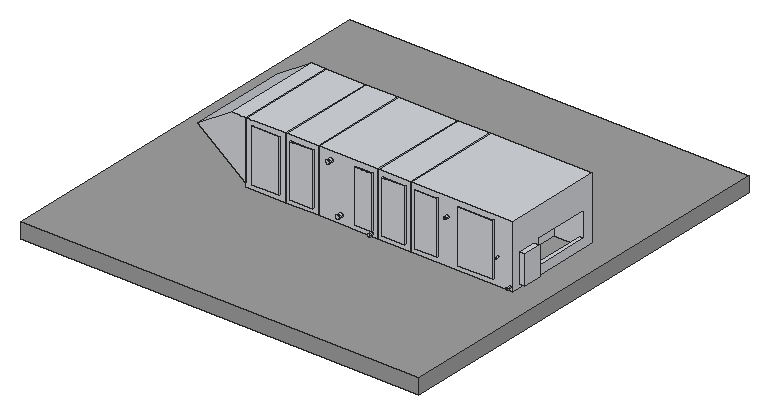
Revit family
Parameters (values of type "8 Row CW")
  Wheel Size [instance] = ""
  Voltage = 480 V
  Unit Weight (lbs) = 4667  # constant formula
  URL = "http://www.appliedair.com"
  Total Static Pressure [instance] = 0.00 in-wg
  Total Heating Capacity [instance] = 0.0 Btu/h
  Total Cooling Capacity [instance] = 0.0 Btu/h
  Temperature Rise [instance] = 0 °F
  Supply Air Pressure Drop [instance] = 0.00 in-wg
  Supply Air Outlet Flow [instance] = 0 CFM
  Supply Air Inlet Flow [instance] = 0 CFM
  Series = "IFL"
  Return Coil Horizontal Offset = 0' - 10"
  Return Air Inlet Flow [instance] = 0 CFM
  Return Air Flow Height = 1' - 8"
  Product URL = "http://www.appliedair.com/ifl.asp"
  Power Vertical Offset = 1' - 2 1/4"
  Power Horizontal Offset = 2' - 6"
  Power Connection Radius = 0' - 0 3/4"
  Phase = 3
  Output Heat [instance] = 0.0 Btu/h
  OmniClass = "23-75 10 24 21 27 17"
  Number of Rows = 8
  Number of Poles = 3
  Nominal Width = 6' - 8"  # constant formula
  Nominal Length = 21' - 0 5/8"  # constant formula
  Nominal Height = 4' - 2"  # constant formula
  Motor Horsepower (HP) [instance] = 0
  Motor Brake Horsepower (BHP) [instance] = 0
  Motor Amps [instance] = 0 A
  Model = "40"
  Minimum Input [instance] = 0.0 Btu/h
  Minimum Air Flow = 3000 CFM
  Maximum Input [instance] = 0.0 Btu/h
  Maximum Air Flow = 9500 CFM
  Manufacturer = "Applied Air"
  M = 3' - 10"  # constant formula
  L = 1' - 8 3/4"  # constant formula
  K = 2' - 1 11/16"  # constant formula
  J = 0' - 6 3/4"  # constant formula
  Heating Leaving Water Temperature [instance] = 0 °F
  Heating Leaving Air Temperature Wet Bulb [instance] = 0 °F
  Heating Leaving Air Temperature Dry Bulb [instance] = 0 °F
  Heating Entering Water Temperature [instance] = 0 °F
  Heating Entering Air Temperature Wet Bulb [instance] = 0 °F
  Heating Entering Air Temperature Dry Bulb [instance] = 0 °F
  Gas Vertical Offset = 1' - 9"  # constant formula
  Gas Horizontal Offset = 0' - 11 1/2"
  Gas Connection Radius = 0' - 0 3/8"  # constant formula
  Condensate Drain Vertical Offset = 0' - 2 3/4"
  Condensate Drain Radius = 0' - 0 3/4"  # constant formula
  Gas Pressure Drop [instance] = 0.00 psi
  Gas Input [instance] = 0.0 Btu/h
  Condensate Drain Horizontal Offset = 0' - 1 27/32"
  Gas Flow [instance] = 0 GPM
  Condensate Drain Connection Radius = Condensate Drain Radius  # 0' - 0 3/4"
  Furnace Size [instance] = ""
  Frequency = 60 Hz
  Fan Speed (RPM) [instance] = 0
  Face Velocity (FPM) [instance] = 0
  Face Pressure Drop [instance] = 0' - 0"
  Drain Pressure Drop [instance] = 0.00 psi
  Drain Flow [instance] = 0 GPM
  Description = "Dedicated Outside Air Split System"
  Cooling Sensible Capacity [instance] = 0 Btu/h
  Cooling Leaving Air Temperature Wet Bulb [instance] = 0 °F
  Cooling Leaving Air Temperature Dry Bulb [instance] = 0 °F
  Cooling Entering Air Temperature Wet Bulb [instance] = 0 °F
  Cooling Entering Air Temperature Dry Bulb [instance] = 0 °F
  Cooling Coil Radius = 0' 3" / 2  # 0' - 1 1/2"
  H = 0' - 3 1/16"  # constant formula
  G = 3' - 2 5/8"  # constant formula
  Drain Vertical Offset = 0' - 2"
  Drain Radius = 0' - 1"
  Drain Horizontal Offset = 0' - 5"
  Default Elevation = 0' - 0"
  F = 2' - 2"  # constant formula
  E = 4' - 0"  # constant formula
  D = 5' - 8"  # constant formula
  Combustion Air Flow [instance] = 0 CFM
  Coils Depth = 0' - 3"
  Coil Face Area = if(Choose Coil Option = 1, 9.17 SF, if(Choose Coil Option = 2, 14.00 SF, if(Choose Coil Option = 3, 17.72 SF, 0.00 SF)))  # 14.00 SF
  Choose Coil Option = 2
  Chilled Water Pressure [instance] = 0.00 in-wg
  Chilled Water Flow [instance] = 0 GPM
  Coils Vertical Offsets = 0' - 6 143/256"
  Supply Coil Horizontal Offset = 1' - 6"
  Burner Amps [instance] = 0 A
  B = 6' - 10"  # constant formula
  Assembly Code = "D3030200"
  Apparent Power [instance] = (Motor Amps + Burner Amps) * Voltage * sqrt(3)  # 0 VA
  AHU Material = Galvanized Steel
  30x44 CW Coils = Choose Coil Option = 1  # no
  36x56 CW Coils = Choose Coil Option = 2  # yes
  40.5x63 CW Coils = Choose Coil Option = 3  # no
Reference planes (in)
  plane 1 "Center (Front/Back)": y = 0
  plane 2: z = -0.00391
  plane 3 "Center (Left/Right)": x = 0
  plane 4: y = 38
  plane 5: y = -42
  plane 6: x = -24
  plane 7: x = 24
  plane 8: x = 50
  plane 9: z = 49.99609
  plane 10: x = 132
  plane 11: x = -50
  plane 12: x = -82
  plane 13: x = -120.625
  plane 14: x = -14
  plane 15: x = -6
  plane 16: z = 6.55469
  plane 17: z = 43.4375
  plane 18: y = -45
  plane 19: x = 19
  plane 20: z = 1.99609
  plane 21: x = 80
  plane 22: z = 35.74609
  plane 23: z = 2.74609
  plane 24: x = 130.15625
  plane 25: x = 120.5
  plane 26: z = 20.99609
Forms (in)
  Extrusion 1, solid, material "Default"
    sketch origin (0, 0, 0) x (1, 0, 0) y (0, 1, 0)
      loop
        line (-164.84185, 166) -> (-164.84185, -165.6411) -> (155.35983, -165.6411) -> (155.35983, 166) -> (-164.84185, 166)
    from -0.00391 to -12
  Extrusion 2, solid
    sketch origin (0.62705, 0, 0) x (1, 0, 0) y (0, 0, 1)
      loop
        line (-24.62705, 0) -> (23.37295, 0) -> (23.37295, 49.99609) -> (-24.62705, 49.99609) -> (-24.62705, 0)
    from -38 to 42
  Extrusion 3, solid
    sketch origin (66.62705, 0, 0) x (1, 0, 0) y (0, 0, 1)
      loop
        line (-42.62705, 0) -> (-16.62705, 0) -> (-16.62705, 49.99609) -> (-42.62705, 49.99609) -> (-42.62705, 0)
    from -38 to 42
  Extrusion 4, solid
    sketch origin (120.62705, 0, 0) x (1, 0, 0) y (0, 0, 1)
      loop
        line (-70.62705, 0) -> (11.37295, 0) -> (11.37295, 49.99609) -> (-70.62705, 49.99609) -> (-70.62705, 0)
    from -38 to 42
  Extrusion 5, solid
    sketch origin (-17.37295, 0, 0) x (1, 0, 0) y (0, 0, 1)
      loop
        line (-32.62705, -0.00391) -> (-6.62705, -0.00391) -> (-6.62705, 49.99609) -> (-32.62705, 49.99609) -> (-32.62705, -0.00391)
    from -38 to 42
  Extrusion 6, solid
    sketch origin (-41.37295, 0, 0) x (1, 0, 0) y (0, 0, 1)
      loop
        line (-40.62705, -0.00391) -> (-8.62705, -0.00391) -> (-8.62705, 49.99609) -> (-40.62705, 49.99609) -> (-40.62705, -0.00391)
    from -38 to 42
  Extrusion 7, solid
    sketch origin (-15.3125, 0, 0) x (1, 0, 0) y (0, 0, 1)
      loop
        line (-105.3125, 32.99609) -> (-66.6875, 2.74609) -> (-66.6875, 49.99609) -> (-78.33244, 49.99609) -> (-105.3125, 32.99609)
    from -38 to 42
  Extrusion 8, void
    sketch origin (0, 0, 0) x (1, 0, 0) y (0, 1, 0)
      loop
        line (-75, 32) -> (-75, -36) -> (-55, -36) -> (-55, 32) -> (-75, 32)
    from 0 to 31.59567
  Extrusion 9, void
    sketch origin (0, 0, 0) x (0, 1, 0) y (0, 0, 1)
      loop
        line (-36, 9) -> (32, 9) -> (32, 29) -> (-36, 29) -> (-36, 9)
    from -55 to -86
  Extrusion 10, void
    sketch origin (0, 0, 0) x (1, 0, 0) y (0, 0, 1)
      loop
        line (-109.05333, 23.93349) -> (-93.44248, 11.70751) -> (-86, 11.70751) -> (-86, 30.21142) -> (-102.77539, 30.21142) -> (-109.05333, 23.93349)
    from -32 to 36
  Extrusion 11, void
    sketch origin (0, 0, 0) x (1, 0, 0) y (0, 1, 0)
      loop
        line (128.9375, -16.3125) -> (128.9375, 29.6875) -> (108.1875, 29.6875) -> (108.1875, -16.3125) -> (128.9375, -16.3125)
    from 0 to 21.23232
  Extrusion 12, void
    sketch origin (0, 0, 0) x (1, 0, 0) y (0, 0, 1)
      loop
        line (132, 6.74609) -> (132, 27.49609) -> (108.1875, 27.49609) -> (108.1875, 6.74609) -> (132, 6.74609)
    from -29.6875 to 16.3125
  Extrusion 13, solid
    sketch origin (0, 0, 0) x (1, 0, 0) y (0, 1, 0)
      loop
        line (132, -21) -> (132, -36) -> (137, -36) -> (137, -21) -> (132, -21)
    from 3.06225 to 25.87762
  Extrusion 14, solid
    sketch origin (0, 0, 0) x (1, 0, 0) y (0, 0, 1)
      loop
        circle (-6, 6.55469) r 1.5
      loop
        circle (-14, 43.4375) r 1.5
      loop
        circle (19, 1.99609) r 1
      loop
        circle (80, 35.74609) r 0.75
      loop
        circle (130.15625, 2.74609) r 0.75
      loop
        circle (120.5, 20.99609) r 0.375
    from 42 to 45
  Extrusion 15, solid
    sketch origin (0, -38, 0) x (1, 0, 0) y (0, 0, 1)
      loop
        line (-55, 45.99609) -> (-77, 45.99609) -> (-77, 3.99609) -> (-55, 3.99609) -> (-55, 45.99609)
      loop
        line (-28, 45.99609) -> (-46, 45.99609) -> (-46, 3.99609) -> (-28, 3.99609) -> (-28, 45.99609)
      loop
        line (20, 45.99609) -> (6, 45.99609) -> (6, 3.99609) -> (20, 3.99609) -> (20, 45.99609)
      loop
        line (46, 45.99609) -> (28, 45.99609) -> (28, 3.99609) -> (46, 3.99609) -> (46, 45.99609)
      loop
        line (72, 45.99609) -> (54, 45.99609) -> (54, 3.99609) -> (72, 3.99609) -> (72, 45.99609)
      loop
        line (117, 45.99609) -> (89, 45.99609) -> (89, 3.99609) -> (117, 3.99609) -> (117, 45.99609)
    from 4 to 5
  Extrusion 16, void
    sketch origin (0, 0, 0) x (1, 0, 0) y (0, 0, 1)
      loop
        line (124.55215, 46.70523) -> (124.55215, 46.20523) -> (126.80215, 46.20523) -> (126.80215, 46.70523) -> (124.55215, 46.70523)
      loop
        line (127.55215, 46.70523) -> (127.55215, 46.20523) -> (129.80215, 46.20523) -> (129.80215, 46.70523) -> (127.55215, 46.70523)
      loop
        line (124.55215, 47.45523) -> (124.55215, 46.95523) -> (126.80215, 46.95523) -> (126.80215, 47.45523) -> (124.55215, 47.45523)
      loop
        line (127.55215, 47.45523) -> (127.55215, 46.95523) -> (129.80215, 46.95523) -> (129.80215, 47.45523) -> (127.55215, 47.45523)
      loop
        line (124.55215, 45.95523) -> (124.55215, 45.45523) -> (126.80215, 45.45523) -> (126.80215, 45.95523) -> (124.55215, 45.95523)
      loop
        line (127.55215, 45.95523) -> (127.55215, 45.45523) -> (129.80215, 45.45523) -> (129.80215, 45.95523) -> (127.55215, 45.95523)
      loop
        line (124.55215, 45.20523) -> (124.55215, 44.70523) -> (126.80215, 44.70523) -> (126.80215, 45.20523) -> (124.55215, 45.20523)
      loop
        line (127.55215, 45.20523) -> (127.55215, 44.70523) -> (129.80215, 44.70523) -> (129.80215, 45.20523) -> (127.55215, 45.20523)
      loop
        line (124.55215, 44.45523) -> (124.55215, 43.95523) -> (126.80215, 43.95523) -> (126.80215, 44.45523) -> (124.55215, 44.45523)
      loop
        line (127.55215, 44.45523) -> (127.55215, 43.95523) -> (129.80215, 43.95523) -> (129.80215, 44.45523) -> (127.55215, 44.45523)
      loop
        line (124.55215, 43.70523) -> (124.55215, 43.20523) -> (126.80215, 43.20523) -> (126.80215, 43.70523) -> (124.55215, 43.70523)
      loop
        line (127.55215, 43.70523) -> (127.55215, 43.20523) -> (129.80215, 43.20523) -> (129.80215, 43.70523) -> (127.55215, 43.70523)
      loop
        line (124.55215, 21.78696) -> (126.80215, 21.78696) -> (126.80215, 22.28696) -> (124.55215, 22.28696) -> (124.55215, 21.78696)
      loop
        line (127.55215, 21.78696) -> (129.80215, 21.78696) -> (129.80215, 22.28696) -> (127.55215, 22.28696) -> (127.55215, 21.78696)
      loop
        line (124.55215, 21.03696) -> (126.80215, 21.03696) -> (126.80215, 21.53696) -> (124.55215, 21.53696) -> (124.55215, 21.03696)
      loop
        line (127.55215, 21.03696) -> (129.80215, 21.03696) -> (129.80215, 21.53696) -> (127.55215, 21.53696) -> (127.55215, 21.03696)
      loop
        line (124.55215, 22.53696) -> (126.80215, 22.53696) -> (126.80215, 23.03696) -> (124.55215, 23.03696) -> (124.55215, 22.53696)
      loop
        line (127.55215, 22.53696) -> (129.80215, 22.53696) -> (129.80215, 23.03696) -> (127.55215, 23.03696) -> (127.55215, 22.53696)
      loop
        line (124.55215, 23.28696) -> (126.80215, 23.28696) -> (126.80215, 23.78696) -> (124.55215, 23.78696) -> (124.55215, 23.28696)
      loop
        line (127.55215, 23.28696) -> (129.80215, 23.28696) -> (129.80215, 23.78696) -> (127.55215, 23.78696) -> (127.55215, 23.28696)
      loop
        line (124.55215, 24.03696) -> (126.80215, 24.03696) -> (126.80215, 24.53696) -> (124.55215, 24.53696) -> (124.55215, 24.03696)
      loop
        line (127.55215, 24.03696) -> (129.80215, 24.03696) -> (129.80215, 24.53696) -> (127.55215, 24.53696) -> (127.55215, 24.03696)
      loop
        line (124.55215, 24.78696) -> (126.80215, 24.78696) -> (126.80215, 25.28696) -> (124.55215, 25.28696) -> (124.55215, 24.78696)
      loop
        line (127.55215, 24.78696) -> (129.80215, 24.78696) -> (129.80215, 25.28696) -> (127.55215, 25.28696) -> (127.55215, 24.78696)
    from 32 to 38
Cuts and joins
  Extrusion 8, Extrusion 9 cuts Extrusion 6
  Extrusion 9 cuts Extrusion 2
  Extrusion 9 cuts Extrusion 3
  Extrusion 9, Extrusion 10 cuts Extrusion 7
  Extrusion 11, Extrusion 12, Extrusion 16 cuts Extrusion 4
Dimensions and locks (in)
  "Nominal Width": plane 5 to plane 4
  "E": plane 6 to plane 7
  equal spacing: plane 6, plane 3 "Center (Left/Right)", plane 7
  "Nominal Height": plane 9 to plane 2
  "F": plane 7 to plane 8
  "F": plane 11 to plane 6
  locked: plane 12 to plane 11 at 32
  "B": plane 8 to plane 10
  "G": plane 13 to plane 12
  "D": Extrusion 8 sketch curve to Extrusion 8 sketch curve
  locked: Extrusion 8 sketch curve to Extrusion 8 sketch curve at 20
  locked: Extrusion 9 sketch curve to Extrusion 9 sketch curve at 20
  "D": Extrusion 9 sketch curve to Extrusion 9 sketch curve
  locked: level to Extrusion 9 sketch curve at 9
  "K": plane 5 to Extrusion 11 sketch curve
  "M": Extrusion 11 sketch curve to Extrusion 11 sketch curve
  "H": Extrusion 11 sketch curve to plane 10
  "L": Extrusion 11 sketch curve to Extrusion 11 sketch curve
  "J": Extrusion 12 sketch curve to plane 2
  "L": Extrusion 12 sketch curve to Extrusion 12 sketch curve
  "K": cut or joined group of Extrusion 4, Extrusion 11, Extrusion 12, Extrusion 16 to plane 5
  "M": cut or joined group of Extrusion 4, Extrusion 11, Extrusion 12, Extrusion 16 to cut or joined group of Extrusion 4, Extrusion 11, Extrusion 12, Extrusion 16
  plane 9 to Extrusion 13 = 2' - 0.11847"
  locked: Extrusion 13 to Extrusion 13 at 22.81538
  locked: Extrusion 13 to plane 2 at 3.06615
  locked: Extrusion 13 to Extrusion 13 at 5
  "Coils Depth": plane 18 to plane 5
  "Coils Vertical Offsets": plane 16 to plane 2
  "Coils Vertical Offsets": plane 9 to plane 17
  "Return Coil Horizontal Offset": plane 6 to plane 14
  "Supply Coil Horizontal Offset": plane 6 to plane 15
  "Drain Vertical Offset": plane 20 to plane 2
  "Drain Horizontal Offset": plane 19 to plane 7
  locked: plane 12 to Extrusion 15 sketch curve at 5
  locked: Extrusion 15 sketch curve to plane 11 at 5
  locked: plane 9 to Extrusion 15 sketch curve at 4  (x6)
  locked: Extrusion 15 sketch curve to plane 2 at 4  (x6)
  locked: plane 11 to Extrusion 15 sketch curve at 4
  locked: Extrusion 15 sketch curve to plane 6 at 4
  locked: plane 6 to Extrusion 15 sketch curve at 30
  locked: Extrusion 15 sketch curve to plane 7 at 4
  locked: plane 7 to Extrusion 15 sketch curve at 4
  locked: Extrusion 15 sketch curve to plane 8 at 4
  locked: plane 8 to Extrusion 15 sketch curve at 4
  locked: Extrusion 15 sketch curve to Extrusion 15 sketch curve at 17
  locked: Extrusion 15 sketch curve to plane 10 at 15
  "Power Vertical Offset": plane 9 to plane 22
  "Power Horizontal Offset": plane 8 to plane 21
  locked: Extrusion 15 to plane 5 at 1
  "Condensate Drain Vertical Offset": plane 23 to plane 2
  plane 13 to plane 10 = 21' - 0 5/8"
  "Condensate Drain Horizontal Offset": plane 24 to plane 10
  locked: Extrusion 7 sketch curve to plane 13 at 0
  locked: Extrusion 7 sketch curve to plane 12 at 0
  locked: Extrusion 7 sketch curve to plane 23 at 0
  locked: plane 17 to Extrusion 7 sketch curve at 10.44141
  "Gas Vertical Offset": plane 26 to plane 2
  "Gas Horizontal Offset": plane 25 to plane 10
  locked: Extrusion 14 sketch curve to plane 14 at 0
  locked: Extrusion 14 sketch curve to plane 15 at 0
  locked: Extrusion 14 sketch curve to plane 19 at 0
  locked: Extrusion 14 sketch curve to plane 21 at 0
  locked: Extrusion 14 sketch curve to plane 25 at 0
  locked: Extrusion 14 sketch curve to plane 23 at 0
  locked: Extrusion 14 sketch curve to plane 24 at 0
  locked: Extrusion 14 sketch curve to plane 20 at 0
  locked: Extrusion 14 sketch curve to plane 16 at 0
  locked: Extrusion 14 sketch curve to plane 26 at 0
  locked: Extrusion 14 sketch curve to plane 22 at 0
  locked: Extrusion 14 sketch curve to plane 17 at 0
  "Cooling Coil Radius": radius of Extrusion 14 sketch curve  (x2)
  "Drain Radius": radius of Extrusion 14 sketch curve
  "Power Connection Radius": radius of Extrusion 14 sketch curve
  "Condensate Drain Connection Radius": radius of Extrusion 14 sketch curve
  "Gas Connection Radius": radius of Extrusion 14 sketch curve
  aligned and locked: plane 2 to Extrusion 1
  aligned and locked: Extrusion 2 to plane 4
  aligned and locked: plane 5 to Extrusion 2
  aligned and locked: plane 6 to Extrusion 2
  aligned and locked: plane 7 to Extrusion 2
  aligned and locked: plane 7 to Extrusion 3
  aligned and locked: Extrusion 3 to plane 8
  aligned and locked: plane 9 to Extrusion 2
  aligned and locked: Extrusion 3 to Extrusion 2
  aligned and locked: plane 5 to Extrusion 3
  aligned and locked: Extrusion 3 to plane 4
  aligned and locked: Extrusion 4 to plane 9
  aligned and locked: plane 8 to Extrusion 4
  aligned and locked: Extrusion 4 to plane 10
  aligned and locked: plane 5 to Extrusion 4
  aligned and locked: Extrusion 4 to plane 4
  aligned and locked: Extrusion 5 to plane 6
  aligned and locked: plane 11 to Extrusion 5
  aligned and locked: Extrusion 5 to plane 9
  aligned and locked: Extrusion 5 to plane 2
  aligned and locked: Extrusion 5 to plane 4
  aligned and locked: plane 5 to Extrusion 5
  aligned and locked: plane 5 to Extrusion 6
  aligned and locked: Extrusion 6 to plane 4
  aligned and locked: plane 12 to Extrusion 6
  aligned and locked: Extrusion 6 to plane 11
  aligned and locked: Extrusion 6 to plane 9
  aligned and locked: Extrusion 6 to plane 2
  aligned and locked: Extrusion 7 to plane 9
  aligned and locked: plane 13 to Extrusion 7
  aligned and locked: Extrusion 7 to plane 12
  aligned and locked: Extrusion 7 to plane 4
  aligned and locked: plane 5 to Extrusion 7
  aligned and locked: cut or joined group of Extrusion 6, Extrusion 8, Extrusion 9 to Extrusion 9 sketch curve
  aligned and locked: cut or joined group of Extrusion 6, Extrusion 8, Extrusion 9 to Extrusion 9
  aligned and locked: cut or joined group of Extrusion 6, Extrusion 8, Extrusion 9 to Extrusion 10  (x2)
  aligned and locked: Extrusion 11 to level
  aligned and locked: cut or joined group of Extrusion 4, Extrusion 11, Extrusion 12, Extrusion 16 to Extrusion 12 sketch curve
  aligned and locked: plane 10 to Extrusion 12 sketch curve
  aligned and locked: plane 10 to Extrusion 13
  aligned and locked: plane 5 to Extrusion 14
  aligned and locked: plane 18 to Extrusion 14
  aligned and locked: Extrusion 15 to plane 5
  aligned and locked: cut or joined group of Extrusion 4, Extrusion 11, Extrusion 12, Extrusion 16 to plane 5
Automatic sketch dimensions
  Extrusion 1 sketch curve to Extrusion 1 sketch curve = 26' - 8.20168"
  Extrusion 1 sketch curve to Extrusion 1 sketch curve = 27' - 7.6411"
  Extrusion 2 sketch curve to level = 0' - 0"
  Extrusion 2 sketch curve to plane 6 = 0' - 0"
  Extrusion 2 sketch curve to plane 7 = 0' - 0"
  Extrusion 2 sketch curve to plane 9 = 0' - 0"
  Extrusion 3 sketch curve to level = 0' - 0"
  Extrusion 3 sketch curve to plane 7 = 0' - 0"
  Extrusion 3 sketch curve to plane 8 = 0' - 0"
  Extrusion 3 sketch curve to plane 9 = 0' - 0"
  Extrusion 4 sketch curve to level = 0' - 0"
  Extrusion 4 sketch curve to plane 8 = 0' - 0"
  Extrusion 4 sketch curve to plane 9 = 0' - 0"
  Extrusion 4 sketch curve to plane 10 = 0' - 0"
  Extrusion 5 sketch curve to plane 2 = 0' - 0"
  Extrusion 5 sketch curve to plane 11 = 0' - 0"
  Extrusion 5 sketch curve to plane 6 = 0' - 0"
  Extrusion 5 sketch curve to plane 9 = 0' - 0"
  Extrusion 6 sketch curve to plane 2 = 0' - 0"
  Extrusion 6 sketch curve to plane 12 = 0' - 0"
  Extrusion 6 sketch curve to plane 9 = 0' - 0"
  Extrusion 6 sketch curve to plane 11 = 0' - 0"
  Extrusion 8 sketch curve to plane 12 = 0' - 7"
  Extrusion 8 sketch curve to plane 5 = 0' - 6"
  Extrusion 13 sketch curve to plane 10 = 0' - 0"
  Extrusion 13 sketch curve to plane 10 = 0' - 5"
  Extrusion 13 sketch curve to plane 5 = 0' - 6"
  Extrusion 13 sketch curve to Extrusion 13 sketch curve = 1' - 3"
  Extrusion 15 sketch curve to Extrusion 15 sketch curve = 1' - 6"
  Extrusion 16 sketch curve to plane 17 = 0' - 3.26773"
  plane 10 to Extrusion 16 sketch curve = 0' - 7.44785"  (x2)
  Extrusion 16 sketch curve to Extrusion 16 sketch curve = 0' - 0"  (x37)
  plane 17 to Extrusion 16 sketch curve = 0' - 0.23227"  (x2)
  Extrusion 16 sketch curve to Extrusion 16 sketch curve = 0' - 2 1/4"  (x3)
  Extrusion 16 sketch curve to Extrusion 16 sketch curve = 0' - 0 3/4"  (x4)
  plane 10 to Extrusion 16 sketch curve = 0' - 2.19785"  (x3)
  plane 22 to Extrusion 16 sketch curve = 0' - 10.45913"
  Extrusion 16 sketch curve to Extrusion 16 sketch curve = 0' - 0 1/2"  (x21)
  Extrusion 16 sketch curve to Extrusion 16 sketch curve = 0' - 0 1/4"  (x20)
  Extrusion 16 sketch curve to plane 17 = 0' - 0.26773"  (x2)
  Extrusion 7 sketch curve to plane 9 = 0' - 0"
  plane 12 to Extrusion 7 sketch curve = 0' - 11.64494"
  Extrusion 10 sketch curve to plane 13 = 0' - 11.57167"
  Extrusion 10 sketch curve to Extrusion 10 sketch curve = 0' - 6.27793"
  Extrusion 10 sketch curve to plane 16 = 0' - 5.15283"
  plane 12 to Extrusion 10 sketch curve = 0' - 4"
  Extrusion 10 sketch curve to Extrusion 10 sketch curve = 0' - 7.44248"
  plane 22 to Extrusion 10 sketch curve = 0' - 11.81261"
  plane 22 to Extrusion 10 sketch curve = 0' - 5.53467"
Connectors (in)
  hvac at (-101.3125, -2, 17.87109), driven by "D", driven by "Return Air Flow Height", driven by "Supply Air Inlet Flow"
    settings: on cut or joined group of Extrusion 7, Extrusion 9, Extrusion 10, index 1
  hvac at (-65, -2, -0.00391), driven by "D", driven by "Return Air Flow Height", driven by "Return Air Inlet Flow"
    settings: on cut or joined group of Extrusion 6, Extrusion 8, Extrusion 9, index 2
  hvac at (118.5625, 6.6875, 0), driven by "M", driven by "L", driven by "Supply Air Outlet Flow"
    settings: on cut or joined group of Extrusion 4, Extrusion 11, Extrusion 12, Extrusion 16, index 3
  hvac at (132, 6.6875, 17.12109), driven by "M", driven by "L", driven by "Supply Air Outlet Flow"
    settings: on cut or joined group of Extrusion 4, Extrusion 11, Extrusion 12, Extrusion 16, index 4
  piping at (-14, -45, 43.4375), driven by "Cooling Coil Radius", driven by "Chilled Water Pressure", driven by "Chilled Water Flow"
    settings: on Extrusion 14, index 5
  piping at (-6, -45, 6.55469), driven by "Cooling Coil Radius", driven by "Chilled Water Flow", driven by "Chilled Water Pressure"
    settings: on Extrusion 14, index 6
  piping at (19, -45, 1.99609), driven by "Drain Radius", driven by "Drain Flow"
    settings: on Extrusion 14, index 7
  electrical at (80, -45, 35.74609), driven by "Number of Poles", driven by "Apparent Power", driven by "Voltage"
    settings: on Extrusion 14, index 8
  piping at (130.15625, -45, 2.74609), driven by "Condensate Drain Radius", driven by "Drain Flow", driven by "Gas Pressure Drop"
    settings: on Extrusion 14, index 9
  piping at (120.5, -45, 20.99609), driven by "Gas Flow", driven by "Gas Pressure Drop", driven by "Gas Connection Radius"
    settings: on Extrusion 14, index 10
